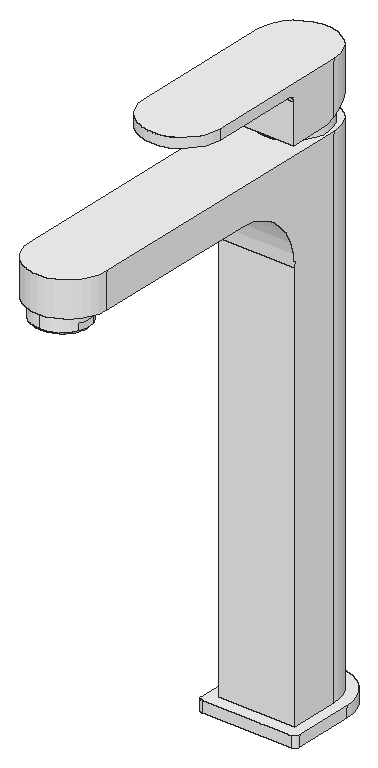
Revit family "Reece_Tap_Mizu_Soothe_Extended Basin Mixer", category Plumbing Fixtures, host Face, Revit 2018
Family settings
  Host = Face
  Round Connector Dimension = Use Diameter
  Part Type = Normal
  Cut with Voids When Loaded = No
  Shared = Yes
  Room Calculation Point = Yes
Parameters (values of type "Chrome")
  WFU = 0  # constant formula
  URL = "https://www.reece.com.au/product/-9508782"
  Type Comments = "Tap"
  Reece_Tap_Reach = 133 mm  # constant formula
  Reece_Tap_Inlet = 25 mm  # constant formula
  Reece_Tap_Clearance = 216 mm  # constant formula
  Reece_Product_Web Page = "https://www.reece.com.au/product/-9508782"
  Reece_Product_Type = "Tap"  # constant formula
  Reece_Product_Sub Brand = "Soothe"  # constant formula
  Reece_Product_Number = "9508782"
  Reece_Product_Mount = "Hob Mounted"
  Reece_Product_Description = "Mizu Soothe Extended Basin Mixer Tap Chrome (4 Star)"
  Reece_Product_Brand = "Mizu"  # constant formula
  Reece_Overall_Width = 45 mm  # constant formula
  Reece_Overall_Projection = 170 mm  # constant formula
  Reece_Overall_Height = 270 mm  # constant formula
  Reece_Material-Main = Reece_Brass_Chrome
  Reece_Detail_Installation = ""
  Reece_Detail_Disclaimer = "THIS FILE IS THE PROPERTY OF THE REECE GROUP. IT MAY NOT BE REPRODUCED, REVERSE-ENGINEERED OR MODIFIED. ANY REPUBLICATION, TRANSMISSION OR DISTRIBUTION FOR THE PURPOSE OF COMMERCIALLY EXPLOITING THE FILES IS PROHIBITED."  # constant formula
  Reece_Detail_Connector = ""
  Reece_Detail_Additional = "Extended Basin Mixer"
  Reece_Backplate_Length = 50 mm  # constant formula
  Reece_Backplate_Height = 5 mm  # constant formula
  Model = "Soothe"
  Manufacturer = "Mizu"
  Keynote = "Product #9508782, Reece_Tap_Mizu_Soothe_Extended Basin Mixer - Chrome"
  HWFU = 0  # constant formula
  Disclaimer = "THIS FILE IS THE PROPERTY OF THE REECE GROUP. IT MAY NOT BE REPRODUCED, REVERSE-ENGINEERED OR MODIFIED. ANY REPUBLICATION, TRANSMISSION OR DISTRIBUTION FOR THE PURPOSE OF COMMERCIALLY EXPLOITING THE FILES IS PROHIBITED."  # constant formula
  Description = "Mizu Soothe Extended Basin Mixer Tap Chrome (4 Star)"
  Default Elevation = 1000 mm
  CWFU = 0  # constant formula
Types (3, lengths in mm): name | URL | Reece_Product_Web Page | Reece_Product_Number | Reece_Product_Description | Reece_Material-Main | Reece_Detail_Additional | Keynote | Description
  (no name) | "https://www.reece.com.au/product/-9508782" | "https://www.reece.com.au/product/-9508782" | "9508782" | "Mizu Soothe Extended Basin Mixer Tap Chrome (4 Star)" | Reece_Brass_Chrome | "Extended Basin Mixer" | "Product #9508782, Reece_Tap_Mizu_Soothe_Extended Basin Mixer -  " | "Mizu Soothe Extended Basin Mixer Tap Chrome (4 Star)"
  Chrome | "https://www.reece.com.au/product/-9508782" | "https://www.reece.com.au/product/-9508782" | "9508782" | "Mizu Soothe Extended Basin Mixer Tap Chrome (4 Star)" | Reece_Brass_Chrome | "Extended Basin Mixer" | "Product #9508782, Reece_Tap_Mizu_Soothe_Extended Basin Mixer - Chrome" | "Mizu Soothe Extended Basin Mixer Tap Chrome (4 Star)"
  Matte Black | "https://www.reece.com.au/product/-9508783" | "https://www.reece.com.au/product/-9508783" | "9508783" | "Mizu Soothe Extended Basin Mixer Tap Matte Black (4 Star)" | Reece_Brass_Matte Black | "" | "Product #9508783, Reece_Tap_Mizu_Soothe_Extended Basin Mixer - Matte Black" | "Mizu Soothe Extended Basin Mixer Tap Matte Black (4 Star)"
Reference planes
  plane 1 "Center (Front/Back)": y = 0
  plane 2 "Bottom": z = 0
  plane 3 "Center (Left/Right)": x = 0
  plane 4: y = 24
  plane 5: y = -26
  plane 6: x = 22.5
  plane 7: x = -22.5
  plane 8: y = -146
  plane 9: z = 270
  plane 10: z = 114.6
  plane 11: z = 216
  plane 12: y = -133
  plane 13: z = 5
Forms (mm)
  Extrusion 1, solid, material "Reece_Brass_Chrome" <- "Reece_Material-Main"
    sketch origin (0, -1, 0) x (1, 0, 0) y (0, 1, 0)
      loop
        line (-20.5, -25) -> (20.5, -25)
        arc (20.5, -25) -> (21.914, -24.414) -> (22.5, -23) r 2
        line (22.5, -23) -> (22.5, 4.215)
        arc (22.5, 4.215) -> (20.228, 13.474) -> (13.929, 20.628) r 20
        arc (13.929, 20.628) -> (0, 25) -> (-13.929, 20.628) r 24.375
        arc (-13.929, 20.628) -> (-20.228, 13.474) -> (-22.5, 4.215) r 20
        line (-22.5, 4.215) -> (-22.5, -23)
        arc (-22.5, -23) -> (-21.914, -24.414) -> (-20.5, -25) r 2
    from 0 to 5
  Extrusion 2, solid, material "Reece_Brass_Chrome" <- "Reece_Material-Main"
    sketch origin (0, -1, 5) x (1, 0, 0) y (0, 1, 0)
      loop
        line (-17.5, 3.005) -> (-17.5, -127.5)
        arc (-17.5, -127.5) -> (0, -145) -> (17.5, -127.5) r 17.5
        line (17.5, -127.5) -> (17.5, 3.005)
        arc (17.5, 3.005) -> (0, 20.505) -> (-17.5, 3.005) r 17.5
    from 0 to 235
  Extrusion 3, void
    sketch origin (0, -1, 0) x (0, 1, 0) y (0, 0, 1)
      loop
        line (-19.527, 4.958) -> (-19.527, 193.958)
        arc (-19.527, 193.958) -> (-28.313, 215.171) -> (-49.527, 223.958) r 30
        line (-49.527, 223.958) -> (-145, 223.958) -> (-145, 240) -> (-140, 240) -> (-140, 249.958) -> (-171.796, 249.958) -> (-171.796, 4.958) -> (-19.527, 4.958)
    from -22.5 to 22.5
  Extrusion 4, void
    sketch origin (0, 0, 0) x (1, 0, 0) y (0, 1, 0)
      loop
        circle (0, 0) r 12.5
    from -16.545 to 5
  Extrusion 5, void
    sketch origin (0, 0, 0) x (0, 1, 0) y (0, 0, 1)
      loop
        line (-127.826, 219.927) -> (-137.812, 220.45) -> (-138.143, 214.132) -> (-128.157, 213.609) -> (-127.826, 219.927)
    from 11.559 to 14.294
  Extrusion 6, solid, material "Reece_Brass_Chrome" <- "Reece_Material-Main"
    sketch origin (0, 0, 150.9) x (1, 0, 0) y (0, 1, 0)
      loop
        arc (17.5, 2.005) -> (0, 19.505) -> (-17.5, 2.005) r 17.5
        line (-17.5, 2.005) -> (-17.5, -62.995)
        arc (-17.5, -62.995) -> (0, -80.495) -> (17.5, -62.995) r 17.5
        line (17.5, -62.995) -> (17.5, 2.005)
    from 93.7 to 119.1
  Revolve 7, solid, material "Reece_Brass_Chrome" <- "Reece_Material-Main"
    sketch origin (0, 0, 130) x (0, 1, 0) y (0, 0, 1)
      loop
        arc (15.725, 110) -> (14.168, 117.288) -> (9.39, 123.008) r 15.5
        line (9.39, 123.008) -> (0, 123.008) -> (0, 110) -> (15.725, 110)
      axis (0, 123.008) -> (0, 110)
    angle from 0 to 360
  Extrusion 8, void
    sketch origin (0, 0, 130) x (0, 1, 0) y (0, 0, -1)
      loop
        line (-127.826, -89.927) -> (-128.157, -83.609) -> (-138.143, -84.132) -> (-137.812, -90.45) -> (-127.826, -89.927)
    from 11.559 to 14.294
  Extrusion 9, solid, material "Reece_Brass_Chrome" <- "Reece_Material-Main"
    sketch origin (0, -21.123, 128.166) x (1, 0, 0) y (0, 0, 1)
      loop
        circle (0, 126.884) r 3.5
    from 0 to 1
  Extrusion 10, void
    sketch origin (0, 0, 131.529) x (0, 1, 0) y (0, 0, 1)
      loop
        line (24, 124.587) -> (-1.865, 113.071) -> (24, 113.071) -> (24, 124.587)
    from -32.109 to 22.5
  Revolve 11, solid, material "Reece_Brass_Chrome" <- "Reece_Material-Main"
    sketch origin (0, -6.783, 124.571) x (0, 0.99863, -0.052336) y (0, 0.052336, 0.99863)
      loop
        line (-130.742, 93.609) -> (-143.098, 93.609) -> (-143.098, 85.676) -> (-142.114, 84.692) -> (-135.742, 84.692) -> (-135.742, 88.879) -> (-130.742, 88.879) -> (-130.742, 93.609)
      axis (-130.742, 93.609) -> (-130.742, 84.692)
    angle from 0 to 360
  Extrusion 12, void
    sketch origin (0, 0, 0) x (0, 1, 0) y (0, 0, 1)
      loop
        line (-80.495, 265.5) -> (-80.495, 244.6) -> (-21.123, 244.6) -> (-21.123, 262.668)
        arc (-21.123, 262.668) -> (-21.952, 264.671) -> (-23.955, 265.5) r 2.832
        line (-23.955, 265.5) -> (-80.495, 265.5)
    from -32.109 to 29.871
Cuts and joins
  Extrusion 3 cuts Extrusion 1
  Extrusion 3 cuts Extrusion 2
  Extrusion 5, Extrusion 8 cuts Revolve 11
  joined: Extrusion 2, Revolve 11
  Extrusion 10, Extrusion 12 cuts Extrusion 6
  joined: Extrusion 6, Revolve 7, Extrusion 9
Text (mm)
  text "Reece Copyright © 2018, Reece Ltd." at (-1403.988, -1192.393, 0), in view "Ref. Level"
  text "Reece ©" at (44.384, 258.95, 192.345), in view "Reece Preview"
Dimensions and locks
  "Reece_Overall_Height": plane 9 to host face
  "Reece_Overall_Projection": plane 4 to plane 8
  "Reece_Overall_Width": plane 7 to plane 6
  "Reece_Backplate_Length": plane 4 to plane 5
  plane 4 to plane 8 = 170 mm
  "Reece_Overall_Width": plane 7 to cut or joined group of Extrusion 1, Extrusion 3
  "Reece_Tap_Clearance": plane 11 to host face
  "Reece_Tap_Reach": plane 1 "Center (Front/Back)" to plane 12
  plane 11 to host face = 216 mm
  "Reece_Backplate_Height": plane 13 to host face
  aligned and locked: plane 2 "Bottom" to host face
  aligned and locked: level to host face
  aligned and locked: Extrusion 3 to plane 6
  aligned and locked: plane 7 to Extrusion 3
Automatic sketch dimensions
  host sketch curve to host sketch curve = 380.785 mm
  host sketch curve to host sketch curve = 317.421 mm
  Extrusion 1 sketch curve to plane 7 = 0 mm
  plane 5 to Extrusion 1 sketch curve = 0 mm
  Extrusion 1 sketch curve to plane 3 "Center (Left/Right)" = 0 mm
  Extrusion 1 sketch curve to plane 6 = 0 mm
  Extrusion 1 sketch curve to plane 5 = 2 mm  (x2)
  Extrusion 1 sketch curve to plane 3 "Center (Left/Right)" = 2.5 mm
  plane 3 "Center (Left/Right)" to Extrusion 1 sketch curve = 2.5 mm
  plane 1 "Center (Front/Back)" to Extrusion 1 sketch curve = 0.375 mm
  Extrusion 1 sketch curve to plane 1 "Center (Front/Back)" = 3.215 mm  (x2)
  Extrusion 1 sketch curve to Extrusion 1 sketch curve = 0 mm
  Extrusion 2 sketch curve to plane 3 "Center (Left/Right)" = 0 mm
  Extrusion 2 sketch curve to plane 7 = 5 mm
  plane 8 to Extrusion 2 sketch curve = 17.5 mm
  Extrusion 2 sketch curve to plane 1 "Center (Front/Back)" = 2.005 mm
  Extrusion 3 sketch curve to plane 8 = 0 mm
  Extrusion 3 sketch curve to plane 8 = 26.796 mm
  Extrusion 3 sketch curve to Extrusion 3 sketch curve = 5 mm
  plane 5 to Extrusion 3 sketch curve = 24.527 mm
  Extrusion 3 sketch curve to plane 5 = 5.473 mm
  level to Extrusion 3 sketch curve = 4.958 mm
  Extrusion 3 sketch curve to plane 9 = 76.042 mm
  Extrusion 3 sketch curve to Extrusion 3 sketch curve = 16.042 mm
  Extrusion 3 sketch curve to Extrusion 3 sketch curve = 9.958 mm
  plane 1 "Center (Front/Back)" to Extrusion 4 sketch curve = 0 mm
  Extrusion 4 sketch curve to plane 3 "Center (Left/Right)" = 0 mm
  Extrusion 5 sketch curve to plane 11 = 1.868 mm
  plane 12 to Extrusion 5 sketch curve = 5.143 mm
  plane 12 to Extrusion 5 sketch curve = 4.812 mm
  Extrusion 5 sketch curve to plane 12 = 4.843 mm
  Extrusion 5 sketch curve to Extrusion 5 sketch curve = 0.523 mm
  Extrusion 6 sketch curve to plane 3 "Center (Left/Right)" = 0 mm
  Extrusion 6 sketch curve to plane 1 "Center (Front/Back)" = 2.005 mm
  Extrusion 6 sketch curve to plane 7 = 5 mm
  plane 5 to Extrusion 6 sketch curve = 36.995 mm
  Revolve 7 sketch curve to plane 1 "Center (Front/Back)" = 0 mm  (x2)
  Revolve 7 sketch curve to plane 1 "Center (Front/Back)" = 0.233 mm
  Revolve 7 sketch curve to Revolve 7 sketch curve = 9.39 mm
  Revolve 7 sketch curve to plane 4 = 8.275 mm
  Revolve 7 sketch curve to plane 9 = 30 mm
  Revolve 7 sketch curve to Revolve 7 sketch curve = 0.502 mm
  Revolve 7 sketch curve to Revolve 7 sketch curve = 0 mm
  Revolve 7 sketch curve to Revolve 7 sketch curve = 2.715 mm
  plane 12 to Extrusion 8 sketch curve = 5.143 mm
  plane 12 to Extrusion 8 sketch curve = 4.812 mm
  Extrusion 8 sketch curve to plane 12 = 4.843 mm
  Extrusion 8 sketch curve to plane 9 = 49.55 mm
  Extrusion 8 sketch curve to Extrusion 8 sketch curve = 0.523 mm
  Extrusion 9 sketch curve to plane 3 "Center (Left/Right)" = 0 mm
  Extrusion 9 sketch curve to plane 9 = 14.95 mm
  Extrusion 10 sketch curve to plane 4 = 0 mm
  plane 1 "Center (Front/Back)" to Extrusion 10 sketch curve = 1.865 mm
  Extrusion 10 sketch curve to plane 9 = 25.4 mm
  Extrusion 10 sketch curve to Extrusion 10 sketch curve = 11.516 mm
  plane 8 to Revolve 11 sketch curve = 1.215 mm
  Revolve 11 sketch curve to plane 9 = 44.458 mm
  Revolve 11 sketch curve to Revolve 11 sketch curve = 0.984 mm
  Revolve 11 sketch curve to Revolve 11 sketch curve = 6.372 mm
  Revolve 11 sketch curve to Revolve 11 sketch curve = 5 mm
  Revolve 11 sketch curve to Revolve 11 sketch curve = 4.73 mm
  Revolve 11 sketch curve to Revolve 11 sketch curve = 7.934 mm
  Revolve 11 sketch curve to Revolve 11 sketch curve = 4.187 mm
  Revolve 11 sketch curve to Revolve 11 sketch curve = 0 mm
  Revolve 11 sketch curve to Revolve 11 sketch curve = 0.96 mm
  Revolve 11 sketch curve to Revolve 11 sketch curve = 1.082 mm
  Extrusion 12 sketch curve to plane 9 = 4.5 mm
  Extrusion 12 sketch curve to plane 12 = 52.505 mm
  Extrusion 12 sketch curve to plane 5 = 2.045 mm
  Extrusion 12 sketch curve to plane 5 = 4.877 mm
  Extrusion 12 sketch curve to Extrusion 12 sketch curve = 20.9 mm
  radius of Extrusion 4 sketch curve = 12.5 mm
  radius of Extrusion 9 sketch curve = 3.5 mm
Connectors
  piping at (0, 0, 0), diameter 25, driven by "Reece_Tap_Inlet"
    settings: on host face, index 1, connector inside diameter 609.6 mm, connector length 0 mm, flow factor 0, pipe flow 0.0 L/s, pressure drop 0.0 Pa, fitting loss kfactor 0, connector angle 0.00°, fixture units 0, engagement length 0 mm, angle of deflection 0.00°, flow configuration 0, flow direction 1, fitting loss method 0, system type 29, joint type 0, gender type 0, connector reference index -1, connector utility 0, adjustable connector no, is connector primary yes, connector description ""
